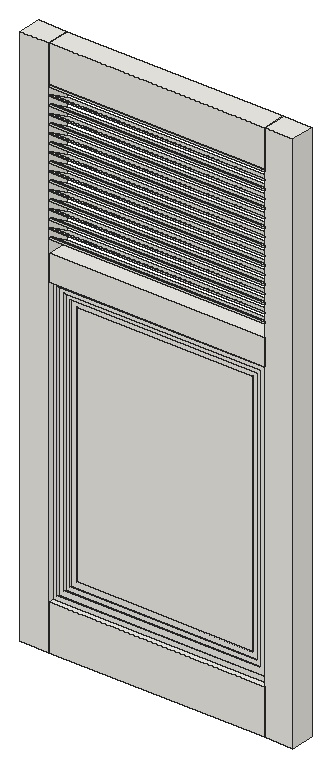
Revit family "composite-exterior-french-quarter-shutters", category Casework, Revit 2024
Family settings
  OmniClass Number = 23.40.35.00
  OmniClass Title = Casework
  Work Plane-Based = No
  Always vertical = Yes
  Cut with Voids When Loaded = No
  Shared = No
  Room Calculation Point = No
Parameters
  URL = "https://royalcorinthian.com/architectural-exterior-shutters/"
  Type Comments = "SHUTTERS"  # constant formula
  TOP RAIL HEIGHT = 3 1/4"
  SIDE RAIL WIDTH = 2 1/2"
  Model = "EXTERIOR FRENCH QUARTER SHUTTERS"  # constant formula
  Manufacturer = "Royal Corinthian"  # constant formula
  MATERIAL = PVC - White
  Description = "COMPOSITE EXTERIOR FRENCH QUARTER SHUTTERS"
  Depth = 2"
  Height = 48"
  Width = 24"
  Default Elevation = 0"
  CENTER RAIL LOCATION = 30 5/16"
  CENTER RAIL HEIGHT = 2 1/4"
  BOTTOM RAIL HEIGHT = 4"
Reference planes (in)
  plane 1: z = 0
  plane 2 "Center (Left/Right)": x = 1.75986
  plane 3 "Top": z = 48
  plane 4: y = -10.47093
  plane 5: y = -9.47093
  plane 6: y = -11.47093
  plane 7: x = -10.24014
  plane 8: x = 13.75986
  plane 9: x = -7.74014
  plane 10: x = 11.25986
  plane 11: z = 30.3125
  plane 12: z = 44.75
  plane 13: z = 29.1875
  plane 14: z = 4
  plane 15: z = 31.4375
Dimensions and locks (in)
  "Height": level to plane 3 "Top"
  equal spacing: plane 5, plane 4, plane 6
  "Depth": plane 5 to plane 6
  "Width": plane 7 to plane 8
  equal spacing: plane 7, plane 2 "Center (Left/Right)", plane 8
  "SIDE RAIL WIDTH": plane 7 to plane 9
  "SIDE RAIL WIDTH": plane 10 to plane 8
  "CENTER RAIL LOCATION": plane 11 to plane 1
  equal spacing: plane 15, plane 11, plane 13
  locked: plane 3 "Top" to plane 12 at 3.25
  locked: plane 14 to plane 1 at 4
  "CENTER RAIL HEIGHT": plane 15 to plane 13
  aligned and locked: level to plane 1
  aligned and locked: plane 7 to nested 1
  aligned and locked: nested 2 to plane 8
  aligned and locked: nested 1 to plane 7
  aligned and locked: plane 4 to nested 3
  aligned and locked: nested 3 to plane 9
  aligned and locked: nested 3 to plane 11
  aligned and locked: nested 4 to plane 3 "Top"
  aligned and locked: nested 5 to plane 1
  aligned and locked: plane 10 to nested 5
  aligned and locked: plane 10 to nested 4
  aligned and locked: plane 10 to nested 3
  aligned and locked: plane 14 to nested 5
  aligned and locked: plane 12 to nested 4
  aligned and locked: plane 12 to nested 6
  aligned and locked: plane 10 to nested 6
  aligned and locked: nested 6 to plane 9
  aligned and locked: plane 15 to nested 6
  aligned and locked: nested 7 to plane 9
  aligned and locked: plane 13 to nested 7
  aligned and locked: plane 14 to nested 7
  aligned and locked: plane 10 to nested 7
Nested families (in)
  nested 1: "SIDES-HEADS" at (-10.75, 0.37117, 0), DEPTH <- "Depth", Height <- "Height", WIDTH <- "SIDE RAIL WIDTH", MATERIAL <- "MATERIAL", type "SIDES-HEADS 3"
    with WIDTH 2 1/2", MATERIAL PVC - White, Height 48", DEPTH 2"
  nested 2: "SIDES-HEADS" at (10.75, 0.37117, 0), DEPTH <- "Depth", Height <- "Height", WIDTH <- "SIDE RAIL WIDTH", MATERIAL <- "MATERIAL", type "SIDES-HEADS 3"
    with WIDTH 2 1/2", MATERIAL PVC - White, Height 48", DEPTH 2"
  nested 3: "SIDES-HEADS" at (-7.74014, 0.37117, 32.07236) x (0, 0, -1) z (1, 0, 0), DEPTH <- "Depth", WIDTH <- "CENTER RAIL HEIGHT", MATERIAL <- "MATERIAL", type "SIDES-HEADS 3"
    with WIDTH 2 1/4", MATERIAL PVC - White, Height 19", DEPTH 2"
  nested 4: "SIDES-HEADS" at (-7.74014, 0.37117, 48.13486) x (0, 0, -1) z (1, 0, 0), DEPTH <- "Depth", WIDTH <- "TOP RAIL HEIGHT", MATERIAL <- "MATERIAL", type "SIDES-HEADS 3"
    with WIDTH 3 1/4", MATERIAL PVC - White, Height 19", DEPTH 2"
  nested 5: "SIDES-HEADS" at (-7.74014, 0.37117, 3.75986) x (0, 0, -1) z (1, 0, 0), DEPTH <- "Depth", WIDTH <- "BOTTOM RAIL HEIGHT", MATERIAL <- "MATERIAL", type "SIDES-HEADS 3"
    with WIDTH 4", MATERIAL PVC - White, Height 19", DEPTH 2"
  nested 6: "shutter_parametric" at (1.75986, -10.47093, 47.4033), MATERIAL <- "MATERIAL", type "shutter_parametric (1)"
    with w 19", n 17, h 13 5/16", MATERIAL PVC - White
  nested 7: "FRENCH PANEL" at (1.75986, -10.47093, 25.9033), MATERIAL <- "MATERIAL", type "FRENCH PANEL"
    with w 19", n 32, h 25 3/16", MATERIAL PVC - White
Definition of nested family "SIDES-HEADS"
  Parameters (values of type "SIDES-HEADS 3")
    WIDTH [instance] = 12.92126"
    MATERIAL [instance] = none
    Depth = 2"  # constant formula
    Height [instance] = 4"
    Width = 2.53937"
    Default Elevation = 48"
    DEPTH [instance] = 7.30373"
  Reference planes (in)
    plane 1: z = 0
    plane 2 "Center (Left/Right)": x = 1.75986
    plane 3: z = 4
    plane 4: y = -10.84209
    plane 5: x = -4.70077
    plane 6: x = 8.22049
    plane 7: y = -14.49396
    plane 8: y = -7.19023
  Forms (in)
    Extrusion 1, solid, material <- "MATERIAL"
      sketch origin (0, 0, 0) x (1, 0, 0) y (0, 1, 0)
        loop
          line (-4.70077, -14.49396) -> (8.22049, -14.49396) -> (8.22049, -7.19023) -> (-4.70077, -7.19023) -> (-4.70077, -14.49396)
      from 0 to 4
  Lines and regions (in)
    model lines, not visible
      curve 1: line (7.18925, 143.95917, 0) -> (7.18925, 143.15137, 0)
      curve 2: line (7.18925, 143.15137, 0) -> (-5.31665, 143.15137, 0)
      curve 3: line (-5.31665, 143.15137, 0) -> (-5.31665, 143.95917, 0)
      curve 4: line (-4.92295, 31.95917, 0) -> (-4.92295, 44.07613, 0)
      curve 5: line (-4.92295, 44.07613, 0) -> (-4.3324, 44.68198, 0)
      curve 6: line (6.89398, 143.15137, 0) -> (6.88503, 143.05512, 0)
      curve 7: line (6.88503, 143.05512, 0) -> (6.86552, 142.96052, 0)
      curve 8: line (6.86552, 142.96052, 0) -> (6.8357, 142.8688, 0)
      curve 9: line (6.8357, 142.8688, 0) -> (6.79596, 142.78112, 0)
      curve 10: line (6.79596, 142.78112, 0) -> (6.7468, 142.69863, 0)
      curve 11: line (6.7468, 142.69863, 0) -> (6.68885, 142.62237, 0)
      curve 12: line (6.68885, 142.62237, 0) -> (6.62287, 142.55333, 0)
      curve 13: line (6.62287, 142.55333, 0) -> (6.54969, 142.49239, 0)
      curve 14: line (6.54969, 142.49239, 0) -> (6.47027, 142.44034, 0)
      curve 15: line (6.47027, 142.44034, 0) -> (6.38561, 142.39784, 0)
      curve 16: line (6.38561, 142.39784, 0) -> (6.29681, 142.36545, 0)
      curve 17: line (6.29681, 142.36545, 0) -> (6.205, 142.34357, 0)
      curve 18: line (6.205, 142.34357, 0) -> (-4.3324, 142.34357, 0)
      curve 19: line (-4.3324, 142.34357, 0) -> (-4.4242, 142.36545, 0)
      curve 20: line (-4.4242, 142.36545, 0) -> (-4.51301, 142.39784, 0)
      curve 21: line (-4.51301, 142.39784, 0) -> (-4.59766, 142.44034, 0)
      curve 22: line (-4.59766, 142.44034, 0) -> (-4.67709, 142.49239, 0)
      curve 23: line (-4.67709, 142.49239, 0) -> (-4.75027, 142.55333, 0)
      curve 24: line (-4.75027, 142.55333, 0) -> (-4.81625, 142.62237, 0)
      curve 25: line (-4.81625, 142.62237, 0) -> (-4.87419, 142.69863, 0)
      curve 26: line (-4.87419, 142.69863, 0) -> (-4.92335, 142.78112, 0)
      curve 27: line (-4.92335, 142.78112, 0) -> (-4.9631, 142.8688, 0)
      curve 28: line (-4.9631, 142.8688, 0) -> (-4.99292, 142.96052, 0)
      curve 29: line (-4.99292, 142.96052, 0) -> (-5.01243, 143.05512, 0)
      curve 30: line (-5.01243, 143.05512, 0) -> (-5.02138, 143.15137, 0)
      curve 31: line (6.79555, 31.95917, 0) -> (6.79555, 44.07613, 0)
      curve 32: line (6.79555, 44.07613, 0) -> (6.205, 44.68198, 0)
      curve 33: line (6.205, 44.68198, 0) -> (-4.3324, 44.68198, 0)
      curve 34: line (-4.3324, 44.68198, 0) -> (-4.45977, 44.69918, 0)
      curve 35: line (-4.45977, 44.69918, 0) -> (-4.57846, 44.74962, 0)
      curve 36: line (-4.57846, 44.74962, 0) -> (-4.68038, 44.82985, 0)
      curve 37: line (-4.68038, 44.82985, 0) -> (-4.75859, 44.93442, 0)
      curve 38: line (-4.75859, 44.93442, 0) -> (-4.80776, 45.05618, 0)
      curve 39: line (-4.80776, 45.05618, 0) -> (-4.82453, 45.18685, 0)
      curve 40: line (-4.82453, 45.18685, 0) -> (-4.80776, 45.31753, 0)
      curve 41: line (-4.80776, 45.31753, 0) -> (-4.75859, 45.43929, 0)
      curve 42: line (-4.75859, 45.43929, 0) -> (-4.68038, 45.54385, 0)
      curve 43: line (-4.68038, 45.54385, 0) -> (-4.57846, 45.62409, 0)
      curve 44: line (-4.57846, 45.62409, 0) -> (-4.45977, 45.67452, 0)
      curve 45: line (-4.45977, 45.67452, 0) -> (-4.3324, 45.69173, 0)
      curve 46: line (-4.3324, 45.69173, 0) -> (6.205, 45.69173, 0)
      curve 47: line (6.205, 45.69173, 0) -> (6.33237, 45.67452, 0)
      curve 48: line (6.33237, 45.67452, 0) -> (6.45107, 45.62409, 0)
      curve 49: line (6.45107, 45.62409, 0) -> (6.55299, 45.54385, 0)
      curve 50: line (6.55299, 45.54385, 0) -> (6.6312, 45.43929, 0)
      curve 51: line (6.6312, 45.43929, 0) -> (6.68036, 45.31753, 0)
      curve 52: line (6.68036, 45.31753, 0) -> (6.69713, 45.18685, 0)
      curve 53: line (6.69713, 45.18685, 0) -> (6.68036, 45.05618, 0)
      curve 54: line (6.68036, 45.05618, 0) -> (6.6312, 44.93442, 0)
      curve 55: line (6.6312, 44.93442, 0) -> (6.55299, 44.82985, 0)
      curve 56: line (6.205, 135.47729, 0) -> (-4.3324, 135.47729, 0)
      curve 57: line (-4.3324, 135.47729, 0) -> (-4.43575, 135.48257, 0)
      curve 58: line (-4.43575, 135.48257, 0) -> (-4.5375, 135.50195, 0)
      curve 59: line (-4.5375, 135.50195, 0) -> (-4.63581, 135.53507, 0)
      curve 60: line (-4.63581, 135.53507, 0) -> (-4.72895, 135.58134, 0)
      curve 61: line (-4.72895, 135.58134, 0) -> (-4.81523, 135.63995, 0)
      curve 62: line (-4.81523, 135.63995, 0) -> (-4.89313, 135.70983, 0)
      curve 63: line (-4.89313, 135.70983, 0) -> (-4.96125, 135.78975, 0)
      curve 64: line (-4.96125, 135.78975, 0) -> (-5.01838, 135.87827, 0)
      curve 65: line (-5.01838, 135.87827, 0) -> (-5.06348, 135.97381, 0)
      curve 66: line (-5.06348, 135.97381, 0) -> (-5.09577, 136.07468, 0)
      curve 67: line (-5.09577, 136.07468, 0) -> (-5.11465, 136.17906, 0)
      curve 68: line (-5.11465, 136.17906, 0) -> (-5.1198, 136.28509, 0)
      curve 69: line (-5.1198, 136.28509, 0) -> (6.9924, 136.28509, 0)
      curve 70: line (6.9924, 136.28509, 0) -> (6.98725, 136.17906, 0)
      curve 71: line (6.98725, 136.17906, 0) -> (6.96837, 136.07468, 0)
      curve 72: line (6.96837, 136.07468, 0) -> (6.93609, 135.97381, 0)
      curve 73: line (6.93609, 135.97381, 0) -> (6.89098, 135.87827, 0)
      curve 74: line (6.89098, 135.87827, 0) -> (6.83386, 135.78975, 0)
      curve 75: line (6.83386, 135.78975, 0) -> (6.76574, 135.70983, 0)
      curve 76: line (6.76574, 135.70983, 0) -> (6.68784, 135.63995, 0)
      curve 77: line (6.68784, 135.63995, 0) -> (6.60155, 135.58134, 0)
      curve 78: line (6.60155, 135.58134, 0) -> (6.50842, 135.53507, 0)
      curve 79: line (6.50842, 135.53507, 0) -> (6.4101, 135.50195, 0)
      curve 80: line (6.4101, 135.50195, 0) -> (6.30836, 135.48257, 0)
      curve 81: line (6.30836, 135.48257, 0) -> (6.205, 135.47729, 0)
      curve 82: line (6.205, 135.47729, 0) -> (6.205, 135.07339, 0)
      curve 83: line (6.205, 135.07339, 0) -> (6.15361, 135.06994, 0)
      curve 84: line (6.15361, 135.06994, 0) -> (6.10311, 135.05963, 0)
      curve 85: line (6.10311, 135.05963, 0) -> (6.05434, 135.04265, 0)
      curve 86: line (6.05434, 135.04265, 0) -> (6.00815, 135.01928, 0)
      curve 87: line (6.00815, 135.01928, 0) -> (5.96533, 134.98993, 0)
      curve 88: line (5.96533, 134.98993, 0) -> (5.92661, 134.95509, 0)
      curve 89: line (5.92661, 134.95509, 0) -> (5.89266, 134.91537, 0)
      curve 90: line (5.89266, 134.91537, 0) -> (5.86405, 134.87144, 0)
      curve 91: line (5.86405, 134.87144, 0) -> (5.84127, 134.82406, 0)
      curve 92: line (5.84127, 134.82406, 0) -> (5.82472, 134.77403, 0)
      curve 93: line (5.82472, 134.77403, 0) -> (5.81467, 134.72221, 0)
      curve 94: line (5.81467, 134.72221, 0) -> (5.8113, 134.66949, 0)
      curve 95: line (5.8113, 134.66949, 0) -> (5.8113, 46.49953, 0)
      curve 96: line (5.8113, 46.49953, 0) -> (5.81467, 46.44681, 0)
      curve 97: line (5.81467, 46.44681, 0) -> (5.82472, 46.39499, 0)
      curve 98: line (5.82472, 46.39499, 0) -> (5.84127, 46.34496, 0)
      curve 99: line (5.84127, 46.34496, 0) -> (5.86405, 46.29758, 0)
      curve 100: line (5.86405, 46.29758, 0) -> (5.89266, 46.25365, 0)
      curve 101: line (5.89266, 46.25365, 0) -> (5.92661, 46.21393, 0)
      curve 102: line (5.92661, 46.21393, 0) -> (5.96533, 46.17909, 0)
      curve 103: line (5.96533, 46.17909, 0) -> (6.00815, 46.14974, 0)
      curve 104: line (6.00815, 46.14974, 0) -> (6.05434, 46.12637, 0)
      curve 105: line (6.05434, 46.12637, 0) -> (6.10311, 46.10939, 0)
      curve 106: line (6.10311, 46.10939, 0) -> (6.15361, 46.09908, 0)
      curve 107: line (6.15361, 46.09908, 0) -> (6.205, 46.09563, 0)
      curve 108: line (6.205, 46.09563, 0) -> (-4.3324, 46.09563, 0)
      curve 109: line (-4.3324, 46.09563, 0) -> (-4.3324, 45.69173, 0)
      curve 110: line (6.55299, 44.82985, 0) -> (6.45107, 44.74962, 0)
      curve 111: line (6.45107, 44.74962, 0) -> (6.33237, 44.69918, 0)
      curve 112: line (6.33237, 44.69918, 0) -> (6.205, 44.68198, 0)
      curve 113: line (6.205, 135.07339, 0) -> (-4.3324, 135.07339, 0)
      curve 114: line (-4.3324, 135.07339, 0) -> (-4.3324, 135.47729, 0)
      curve 115: line (6.205, 142.34357, 0) -> (6.205, 141.93967, 0)
      curve 116: line (6.205, 141.93967, 0) -> (-4.3324, 141.93967, 0)
      curve 117: line (-4.3324, 141.93967, 0) -> (-4.3324, 142.34357, 0)
      curve 118: line (-4.3324, 46.09563, 0) -> (-4.28101, 46.09908, 0)
      curve 119: line (-4.28101, 46.09908, 0) -> (-4.2305, 46.10939, 0)
      curve 120: line (-4.2305, 46.10939, 0) -> (-4.18174, 46.12637, 0)
      curve 121: line (-4.18174, 46.12637, 0) -> (-4.13555, 46.14974, 0)
      curve 122: line (-4.13555, 46.14974, 0) -> (-4.09273, 46.17909, 0)
      curve 123: line (-4.09273, 46.17909, 0) -> (-4.05401, 46.21393, 0)
      curve 124: line (-4.05401, 46.21393, 0) -> (-4.02006, 46.25365, 0)
      curve 125: line (-4.02006, 46.25365, 0) -> (-3.99144, 46.29758, 0)
      curve 126: line (-3.99144, 46.29758, 0) -> (-3.96867, 46.34496, 0)
      curve 127: line (-3.96867, 46.34496, 0) -> (-3.95211, 46.39499, 0)
      curve 128: line (-3.95211, 46.39499, 0) -> (-3.94207, 46.44681, 0)
      curve 129: line (6.205, 45.69173, 0) -> (6.205, 46.09563, 0)
      curve 130: line (-3.94207, 46.44681, 0) -> (-3.9387, 46.49953, 0)
      curve 131: line (-3.9387, 46.49953, 0) -> (-3.9387, 134.66949, 0)
      curve 132: line (-3.9387, 134.66949, 0) -> (-3.94207, 134.72221, 0)
      curve 133: line (-3.94207, 134.72221, 0) -> (-3.95211, 134.77403, 0)
      curve 134: line (-3.95211, 134.77403, 0) -> (-3.96867, 134.82406, 0)
      curve 135: line (-3.96867, 134.82406, 0) -> (-3.99144, 134.87144, 0)
      curve 136: line (-3.99144, 134.87144, 0) -> (-4.02006, 134.91537, 0)
      curve 137: line (-4.02006, 134.91537, 0) -> (-4.05401, 134.95509, 0)
      curve 138: line (-4.05401, 134.95509, 0) -> (-4.09273, 134.98993, 0)
      curve 139: line (-4.09273, 134.98993, 0) -> (-4.13555, 135.01928, 0)
      curve 140: line (-4.13555, 135.01928, 0) -> (-4.18174, 135.04265, 0)
      curve 141: line (-4.18174, 135.04265, 0) -> (-4.2305, 135.05963, 0)
      curve 142: line (-4.2305, 135.05963, 0) -> (-4.28101, 135.06994, 0)
      curve 143: line (-4.28101, 135.06994, 0) -> (-4.3324, 135.07339, 0)
      curve 144: line (6.205, 141.93967, 0) -> (6.15361, 141.93622, 0)
      curve 145: line (6.15361, 141.93622, 0) -> (6.10311, 141.92591, 0)
      curve 146: line (6.10311, 141.92591, 0) -> (6.05434, 141.90893, 0)
      curve 147: line (6.05434, 141.90893, 0) -> (6.00815, 141.88556, 0)
      curve 148: line (6.00815, 141.88556, 0) -> (5.96533, 141.85621, 0)
      curve 149: line (-3.9387, 136.28509, 0) -> (-3.9387, 141.53577, 0)
      curve 150: line (-3.9387, 141.53577, 0) -> (-3.94207, 141.58849, 0)
      curve 151: line (-3.94207, 141.58849, 0) -> (-3.95211, 141.64031, 0)
      curve 152: line (-3.95211, 141.64031, 0) -> (-3.96867, 141.69034, 0)
      curve 153: line (-3.96867, 141.69034, 0) -> (-3.99144, 141.73772, 0)
      curve 154: line (-3.99144, 141.73772, 0) -> (-4.02006, 141.78165, 0)
      curve 155: line (-4.02006, 141.78165, 0) -> (-4.05401, 141.82137, 0)
      curve 156: line (-4.05401, 141.82137, 0) -> (-4.09273, 141.85621, 0)
      curve 157: line (-4.09273, 141.85621, 0) -> (-4.13555, 141.88556, 0)
      curve 158: line (-4.13555, 141.88556, 0) -> (-4.18174, 141.90893, 0)
      curve 159: line (-4.18174, 141.90893, 0) -> (-4.2305, 141.92591, 0)
      curve 160: line (-4.2305, 141.92591, 0) -> (-4.28101, 141.93622, 0)
      curve 161: line (-4.28101, 141.93622, 0) -> (-4.3324, 141.93967, 0)
      curve 162: line (5.8113, 136.28509, 0) -> (5.8113, 141.53577, 0)
      curve 163: line (5.8113, 141.53577, 0) -> (5.81467, 141.58849, 0)
      curve 164: line (5.81467, 141.58849, 0) -> (5.82472, 141.64031, 0)
      curve 165: line (5.82472, 141.64031, 0) -> (5.84127, 141.69034, 0)
      curve 166: line (5.84127, 141.69034, 0) -> (5.86405, 141.73772, 0)
      curve 167: line (5.86405, 141.73772, 0) -> (5.89266, 141.78165, 0)
      curve 168: line (5.89266, 141.78165, 0) -> (5.92661, 141.82137, 0)
      curve 169: line (5.92661, 141.82137, 0) -> (5.96533, 141.85621, 0)
      curve 170: line (-5.31665, 143.95917, 0) -> (7.18925, 143.95917, 0)
      curve 171: line (-4.92295, 31.95917, 0) -> (6.79555, 31.95917, 0)
  Dimensions and locks (in)
    "Height": plane 3 to plane 1
    "DEPTH": plane 7 to plane 8
    "WIDTH": plane 5 to plane 6
    equal spacing: plane 5, plane 2 "Center (Left/Right)", plane 6
    equal spacing: plane 7, plane 4, plane 8
    aligned and locked: level to plane 1
    aligned and locked: Extrusion 1 to plane 7
    aligned and locked: plane 8 to Extrusion 1
    aligned and locked: Extrusion 1 sketch curve to plane 5
    aligned and locked: plane 7 to Extrusion 1 sketch curve
    aligned and locked: plane 6 to Extrusion 1 sketch curve
    aligned and locked: plane 8 to Extrusion 1 sketch curve
    aligned and locked: plane 3 to Extrusion 1
Definition of nested family "shutter_parametric"
  Parameters (values of type "shutter_parametric")
    w [instance] = 13"
    n [instance] = h / 0.7874"  # 36
    h [instance] = 28 5/8"
    MATERIAL [instance] = none
    Default Elevation = 0"
  Reference planes (in)
    plane 1 "Center (Front/Back)": y = 0
    plane 2: z = -9.30955
    plane 3 "Center (Left/Right)": x = 0
    plane 4: x = -6.5
    plane 5: x = 6.5
    plane 6: z = 5.00295
    plane 7: z = -23.62205
  Dimensions and locks (in)
    equal spacing: plane 4, plane 3 "Center (Left/Right)", plane 5
    "w": plane 4 to plane 5
    equal spacing: plane 6, plane 2, plane 7
    equal spacing: group 1, group 3, group 4, group 5, group 6, group 7, group 8, group 9, group 10, group 11, group 12, group 13, group 14, group 15, group 16, group 17, group 18, group 19, group 20, group 21, group 22, group 23, group 24, group 25, group 26, group 27, group 28, group 29, group 30, group 31, group 32, group 33, group 34, group 35, group 36, group 2  (x3)
    "h": plane 6 to plane 7
    aligned and locked: plane 4 to nested 1
    aligned and locked: nested 1 to plane 5
    aligned and locked: plane 7 to nested 1
    aligned and locked: nested 2 to plane 6
  Nested families (in)
    nested 1: "shutters" at (0, 0, -22.96763), w <- "w", MATERIAL <- "MATERIAL", type "shutters"
      with w 13"
    nested 2: "shutters" at (0, 0, 4.31004), w <- "w", MATERIAL <- "MATERIAL", type "shutters"
      with w 13"
    nested 3: "shutters" at (0, 0, -22.18827), w <- "w", MATERIAL <- "MATERIAL", type "shutters"
      with w 13"
    nested 4: "shutters" at (0, 0, -21.40891), w <- "w", MATERIAL <- "MATERIAL", type "shutters"
      with w 13"
    nested 5: "shutters" at (0, 0, -20.62955), w <- "w", MATERIAL <- "MATERIAL", type "shutters"
      with w 13"
    nested 6: "shutters" at (0, 0, -19.85018), w <- "w", MATERIAL <- "MATERIAL", type "shutters"
      with w 13"
    nested 7: "shutters" at (0, 0, -19.07082), w <- "w", MATERIAL <- "MATERIAL", type "shutters"
      with w 13"
    nested 8: "shutters" at (0, 0, -18.29146), w <- "w", MATERIAL <- "MATERIAL", type "shutters"
      with w 13"
    nested 9: "shutters" at (0, 0, -17.5121), w <- "w", MATERIAL <- "MATERIAL", type "shutters"
      with w 13"
    nested 10: "shutters" at (0, 0, -16.73274), w <- "w", MATERIAL <- "MATERIAL", type "shutters"
      with w 13"
    nested 11: "shutters" at (0, 0, -15.95337), w <- "w", MATERIAL <- "MATERIAL", type "shutters"
      with w 13"
    nested 12: "shutters" at (0, 0, -15.17401), w <- "w", MATERIAL <- "MATERIAL", type "shutters"
      with w 13"
    nested 13: "shutters" at (0, 0, -14.39465), w <- "w", MATERIAL <- "MATERIAL", type "shutters"
      with w 13"
    nested 14: "shutters" at (0, 0, -13.61529), w <- "w", MATERIAL <- "MATERIAL", type "shutters"
      with w 13"
    nested 15: "shutters" at (0, 0, -12.83593), w <- "w", MATERIAL <- "MATERIAL", type "shutters"
      with w 13"
    nested 16: "shutters" at (0, 0, -12.05656), w <- "w", MATERIAL <- "MATERIAL", type "shutters"
      with w 13"
    nested 17: "shutters" at (0, 0, -11.2772), w <- "w", MATERIAL <- "MATERIAL", type "shutters"
      with w 13"
    nested 18: "shutters" at (0, 0, -10.49784), w <- "w", MATERIAL <- "MATERIAL", type "shutters"
      with w 13"
    nested 19: "shutters" at (0, 0, -9.71848), w <- "w", MATERIAL <- "MATERIAL", type "shutters"
      with w 13"
    nested 20: "shutters" at (0, 0, -8.93912), w <- "w", MATERIAL <- "MATERIAL", type "shutters"
      with w 13"
    nested 21: "shutters" at (0, 0, -8.15975), w <- "w", MATERIAL <- "MATERIAL", type "shutters"
      with w 13"
    nested 22: "shutters" at (0, 0, -7.38039), w <- "w", MATERIAL <- "MATERIAL", type "shutters"
      with w 13"
    nested 23: "shutters" at (0, 0, -6.60103), w <- "w", MATERIAL <- "MATERIAL", type "shutters"
      with w 13"
    nested 24: "shutters" at (0, 0, -5.82167), w <- "w", MATERIAL <- "MATERIAL", type "shutters"
      with w 13"
    nested 25: "shutters" at (0, 0, -5.0423), w <- "w", MATERIAL <- "MATERIAL", type "shutters"
      with w 13"
    nested 26: "shutters" at (0, 0, -4.26294), w <- "w", MATERIAL <- "MATERIAL", type "shutters"
      with w 13"
    nested 27: "shutters" at (0, 0, -3.48358), w <- "w", MATERIAL <- "MATERIAL", type "shutters"
      with w 13"
    nested 28: "shutters" at (0, 0, -2.70422), w <- "w", MATERIAL <- "MATERIAL", type "shutters"
      with w 13"
    nested 29: "shutters" at (0, 0, -1.92486), w <- "w", MATERIAL <- "MATERIAL", type "shutters"
      with w 13"
    nested 30: "shutters" at (0, 0, -1.14549), w <- "w", MATERIAL <- "MATERIAL", type "shutters"
      with w 13"
    nested 31: "shutters" at (0, 0, -0.36613), w <- "w", MATERIAL <- "MATERIAL", type "shutters"
      with w 13"
    nested 32: "shutters" at (0, 0, 0.41323), w <- "w", MATERIAL <- "MATERIAL", type "shutters"
      with w 13"
    nested 33: "shutters" at (0, 0, 1.19259), w <- "w", MATERIAL <- "MATERIAL", type "shutters"
      with w 13"
    nested 34: "shutters" at (0, 0, 1.97195), w <- "w", MATERIAL <- "MATERIAL", type "shutters"
      with w 13"
    nested 35: "shutters" at (0, 0, 2.75132), w <- "w", MATERIAL <- "MATERIAL", type "shutters"
      with w 13"
    nested 36: "shutters" at (0, 0, 3.53068), w <- "w", MATERIAL <- "MATERIAL", type "shutters"
      with w 13"
  Definition of nested family "shutters"
    Parameters (values of type "shutters")
      w [instance] = 16.45193"
      MATERIAL [instance] = none
      Default Elevation = 0"
    Reference planes (in)
      plane 1 "Center (Front/Back)": y = 0
      plane 2: z = 0
      plane 3 "Center (Left/Right)": x = 0
      plane 4: x = -8.22597
      plane 5: x = 8.22597
      plane 6: z = -0.57568
      plane 7: z = 0.61417
      plane 8: z = 0.69291
      plane 9: z = -0.65442
    Forms (in)
      Extrusion 1, solid, material <- "MATERIAL"
        sketch origin (0, 0, 0.11417) x (0, 1, 0) y (0, 0, 1)
          loop
            line (1, -0.57735) -> (-0.86603, 0.5) -> (-1, 0.5) -> (-1, 0.35005) -> (0.80115, -0.68985) -> (1, -0.68985) -> (1, -0.57735)
        from -8.22597 to 8.22597
    Dimensions and locks (in)
      equal spacing: plane 5, plane 3 "Center (Left/Right)", plane 4
      "w": plane 5 to plane 4
      aligned and locked: level to plane 2
      aligned and locked: Extrusion 1 to plane 4
      aligned and locked: plane 5 to Extrusion 1
    Automatic sketch dimensions
      level to Extrusion 1 sketch curve = 0.46422"
      plane 1 "Center (Front/Back)" to Extrusion 1 sketch curve = 1"
      Extrusion 1 sketch curve to Extrusion 1 sketch curve = 0.13397"
      Extrusion 1 sketch curve to plane 1 "Center (Front/Back)" = 0.80115"
      Extrusion 1 sketch curve to Extrusion 1 sketch curve = 0.19885"
      Extrusion 1 sketch curve to level = 0.46318"
      Extrusion 1 sketch curve to Extrusion 1 sketch curve = 0.1125"
      Extrusion 1 sketch curve to Extrusion 1 sketch curve = 0.14995"
Definition of nested family "FRENCH PANEL"
  Parameters (values of type "FRENCH PANEL")
    w [instance] = 13"
    n [instance] = h / 0.7874"  # 36
    h [instance] = 28 5/8"
    MATERIAL [instance] = none
    Default Elevation = 0"
  Reference planes (in)
    plane 1 "Center (Front/Back)": y = 0
    plane 2: z = -9.30955
    plane 3 "Center (Left/Right)": x = 0
    plane 4: x = -6.5
    plane 5: x = 6.5
    plane 6: z = 5.00295
    plane 7: z = -23.62205
  Forms (in)
    Sweep 1, solid, material <- "MATERIAL"
      path origin (0, 0, 0) x (1, 0, 0) y (0, 0, 1)
        loop
          line (-6.5, 5.00295) -> (-6.5, -23.62205) -> (6.5, -23.62205) -> (6.5, 5.00295) -> (-6.5, 5.00295)
      profile origin (0, 0, 5.00295) x (0, 0, 1) y (0, -1, 0)
        loop
          line (0, 0) -> (0, 0.52854) -> (-0.375, 0.52854) -> (-0.375, 0.38927) -> (-0.875, 0.38927) -> (-0.875, 0.25) -> (-1.25, 0.25) -> (-1.25, 0.11073) -> (-1.75, 0.11073) -> (-1.75, -0.11073) -> (-1.25, -0.11073) -> (-1.25, -0.25) -> (-0.875, -0.25) -> (-0.875, -0.38927) -> (-0.375, -0.38927) -> (-0.375, -0.52854) -> (0, -0.52854) -> (0, 0)
    Extrusion 2, solid, material <- "MATERIAL"
      sketch origin (-4.75, -0.11073, 3.25295) x (1, 0, 0) y (0, 0, 1)
        loop
          line (0, 0) -> (0, -25.125) -> (9.5, -25.125) -> (9.5, 0) -> (0, 0)
      from 0 to -0.22146
  Dimensions and locks (in)
    equal spacing: plane 4, plane 3 "Center (Left/Right)", plane 5
    "w": plane 4 to plane 5
    equal spacing: plane 6, plane 2, plane 7
    "h": plane 6 to plane 7
    aligned and locked: Sweep 1 sketch curve to plane 6
    aligned and locked: Sweep 1 sketch curve to plane 4
    aligned and locked: plane 7 to Sweep 1 sketch curve
    aligned and locked: Sweep 1 sketch curve to plane 5
    aligned and locked: Extrusion 2 sketch curve to Sweep 1  (x4)
  Automatic sketch dimensions
    profile plane to Sweep 1 sketch curve = 0"
    Sweep 1 sketch curve to plane 1 "Center (Front/Back)" = 0"
    profile plane to Sweep 1 sketch curve = 3/8"  (x2)
    Sweep 1 sketch curve to plane 1 "Center (Front/Back)" = 1/4"
    Sweep 1 sketch curve to Sweep 1 sketch curve = 1/2"  (x3)
    Sweep 1 sketch curve to Sweep 1 sketch curve = 3/8"
    Sweep 1 sketch curve to Sweep 1 sketch curve = 0"
    Sweep 1 sketch curve to Sweep 1 sketch curve = 0.13927"  (x5)
    Sweep 1 sketch curve to plane 1 "Center (Front/Back)" = 0.11073"
    plane 1 "Center (Front/Back)" to Sweep 1 sketch curve = 0.11073"
